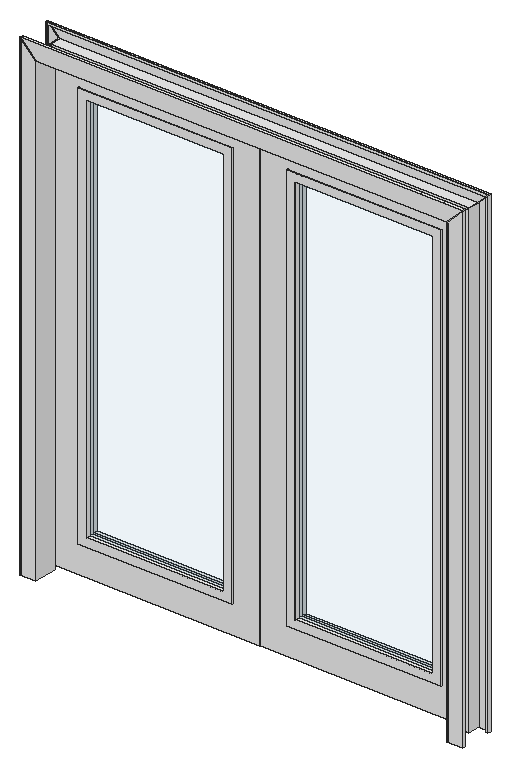
Revit family "08.Doorset_Entrance Lobby Door_ASSA ABLOY_Hardware 2D_light", category Doors, host Wall, Revit 2016
Family settings
  Host = Wall
  OmniClass Number = 23.30.10.14.14
  OmniClass Title = Wood Passage Doors
  Always vertical = Yes
  Cut with Voids When Loaded = No
  Shared = No
  Room Calculation Point = No
Parameters (values of type "886x1989 - 0.9x2.0M")
  Width = P1 Width - 51 mm  # 1772 mm
  Wall Thickness [instance] = 145.999 mm
  URL = "https://middleeast.assaabloy.com/en/local/middleeast/specification-and-bim/bim-door-solutions/"
  Type Comments = "886x1989 - 0.9x2.0M"
  Thickness = 45.001 mm
  Rough Width = 1874.001 mm
  Rough Height = 2040.001 mm
  Right Frame Width = 51.001 mm  # constant formula
  Region = "AE"  # constant formula
  Ref.Handle = Panel 1 Width - 63 mm  # 823 mm
  R1 Height = 1938.5 mm
  Provider = "ASSA ABLOY"  # constant formula
  Product Guid = ""
  Electronic Accessories_6 = "1x Break glass_ASSA ABLOY [AE. 1380E10 x 1380EF1]"  # constant formula
  Electronic Accessories_5 = "2x Door contact Steel Door_ASSA ABLOY [AE. 030295--00 x 030296--00]"  # constant formula
  Electronic Accessories_4 = "1x Door Controller_- [AE. Door controller]"  # constant formula
  Electronic Accessories_3 = "1x Power Supply_ASSA ABLOY [AE. E-1003- 24- 1----10]"  # constant formula
  Electronic Accessories_2 = "1x Push- button  flush-mounted_ASSA ABLOY [AE. E-1011----6353500]"  # constant formula
  Electronic Accessories_1 = "1x Card Reader Pandomini_ASSA ABLOY [AE. ASSA Pando mini]"  # constant formula
  Electronic Accessories = "1x Double Mini- Magnet_ASSA ABLOY [AE. MAGDN3000ALS-HD]"  # constant formula
  Architectural Accessory = "1x Escutcheon_ASSA ABLOY [AE. AAE-801]"  # constant formula
  Lock Cases = "1x Lock_ASSA ABLOY [AE. N1056 Dead bolt lock]"  # constant formula
  Panel 2 Width = Leaf 2 Width + 5.5 mm  # 886 mm
  Panel 1 Width = Leaf 1 Width + 5.5 mm  # 886 mm
  P1 Width = 1823 mm
  Name = "Steel Frame Glass Leaf Doorset Entrance Lobby"  # constant formula
  Model = "Doorset_Steel Frame Glass Leaf Doorset Entrance Lobby_ASSA ABLOY_Hardware 2D_Light"  # constant formula
  Min Door Width = 686 mm  # constant formula
  Min Door Height = 1989 mm  # constant formula
  Max Door Width = 1086 mm  # constant formula
  Max Door Height = 2089 mm  # constant formula
  Manufacturer = "ASSA ABLOY AE"  # constant formula
  Louver Width = Panel 1 Width - 295.2 mm  # 590.8 mm
  Left Frame Width = 51.001 mm  # constant formula
  Leaf 2 Width = (Width - 11 mm) / 2  # 880.5 mm
  Leaf 1 Width = (Width - 11 mm) / 2  # 880.5 mm
  Height = R1 Height + 76 mm - (25.5 mm)  # 1989 mm
  Hardware Set = BIMobject Unique ref.  # "9SP3-010"
  Glass Offset [instance] = 51.535 mm + (Frame Depth - 145.999 mm) / 2  # 51.535 mm
  Glass = Glass
  Frame Width = P1 Width + 51.001 mm  # 1874.001 mm
  Frame Offset [instance] = 73 mm
  Frame Material = Hollow Metal
  Frame Height = R1 Height + 25.5 mm + 76.001 mm  # 2040.001 mm
  Frame Depth [instance] = 145.999 mm
  Edition number = ""
  Door Offset [instance] = 70.861 mm + (Frame Depth - 145.999 mm) / 2  # 70.861 mm
  Door Material = Hollow Metal
  Door Closers = "2x Floor Closer_ASSA ABLOY [AE. DC475]"  # constant formula
  Description = "Steel Frame Glass Leaf Doorset Entrance Lobby- Double\r\nASSA ABLOY Security Solutions Middle East solution for an Entrance Lobby Door with Access control on entry side. Equipped with electromagnetic lock, Pull handle, master keyed cylinder, floor closer, Push button, Break Glass Unit, Card Reader.\r\nCharacteristics\r\n•\tFull range of Types & Sizes available.\r\n•\tSingle leaf made of galvanised steel sheet /stainless steel to polyester powder coated finish.\r\n•\tDoorframes are made of galvanised steel sheet /stainless steel to polyester powder coated finish.\r\n•\tDoor sets powder-coated in any colour from the Standard Range RAL palette\r\n•\tDoor Frame Corner construction: Welded or Knock down as per requirements.\r\nPerformance\r\n•\tIncreased finish performance for corrosion\r\n•\tAcoustic rating available in Flushed Door up to STC35dB (Honeycomb) and up to STC50dB (Rockwool)\r\n•\tUsage: Internal (Honeycomb/Rockwool); External (Rockwool), Substations /Unmanned (PIC)\r\nSafety\r\n•\tProtection Plates, Armour plates, options available as required. \r\nSustainability\r\n•\tThermal transmittance (U) value 1.565 W/m2k (Honeycomb), upto 0.625W/m2k Rockwool /PIC.\r\n•\tManufactured under ISO 9001:2015 certification\r\n•\tEnvironmental Product Declaration (EPD) available for Honeycomb \r\nHardware Set:\r\n•\tMortice Roller Lock case, Standard: BS EN 12209:2003, CE Marked. (EPD-Available) \r\n•\tPull Handle, standard: BS EN8424 Grade 3.\r\n•\tMKS Double Cylinder, Standard: BS EN 1303:2015, BS EN 15804 and SKG approved. (EPD-ASA-20170150-IBA1-EN)\r\n•\tFloor Closer, Standard: BS EN 1154. CE Marked. (EPD-Available)\r\n•\tMini- Magnet-Double.\r\n•\tCard Reader Pandomini\r\n•\tPush- button flush-mounted.\r\n•\tPower Supply 24V, DC. \r\n•\tDoor Controller\r\n•\tDoor contact Steel Door\r\n•\tBreak glass\r\n•\tDoor stops, floor mounted \r\n•\tGasketing\r\nTypical applications: Back of house areas of residential, commercial buildings, hospitals, schools, hotels, and others.\r\n\r\nCompatible Standards: BS EN1154, BS EN 12209, BS EN 8424, BS EN 1303."  # constant formula
  Date of publishing = ""
  Cylinders = "1x Cylinder_ASSA ABLOY [AE. CY110MKED3535ND0 - Double]"  # constant formula
  Contact Provider = "https://middleeast.assaabloy.com/en/local/middleeast/contact-us/"
  Back Set = 55 mm  # constant formula
  BIMobject Unique ref. = "9SP3-010"  # constant formula
  BIMobject Product Page = ""
  BIMobject Product Group = ""
  BIMobject Product Family = ""
  BIMobject Instructions Video = ""
  BIMobject Brand = "ASSA ABLOY"  # constant formula
  Architectural Hardware_1 = "2x Door stop, floor mounted_ASSA ABLOY [AE. AAA102]"  # constant formula
  Architectural Hardware = "2x Pull handle_ASSA ABLOY [AE. AAP215A]"  # constant formula
  Architectural Accessory_5 = "1x Dust proof strike_ASSA ABLOY [AE. AAA410]"  # constant formula
  Architectural Accessory_4 = "2x Flush bolt, metal & alum_ASSA ABLOY [AE. AAA405]"  # constant formula
  Architectural Accessory_3 = "1x Gasketing_ASSA ABLOY [AE. LAS1046 - 7 x LAS7004si (pair)]"  # constant formula
  Architectural Accessory_2 = "1x Threshold_Lorient [AE. LAS4014si]"  # constant formula
  Analytic Construction = "<None>"
  Adjacent Wall Placement = 101.6 mm
Reference planes
  plane 1: y = 0
  plane 2 "Center (Left/Right)": x = 0
  plane 3 "Wall Edge": y = 73
  plane 4 "Wall Interior": y = -73
  plane 5 "ModelRefLevel": z = 0
  plane 6 "FrameDepthPlane": y = 0
  plane 7 "FrameFront": y = 73
  plane 8 "FrameBack": y = -73
  plane 9 "V0": x = 911.5
  plane 10 "V1": x = -911.5
  plane 11 "H0": z = 76.001
  plane 12 "H1": z = 2014.501
  plane 13 "InTermLeftJamb0": x = 886
  plane 14 "OutTermLeftJamb0": x = 937
  plane 15 "InTermRightJamb1": x = -886
  plane 16 "OutTermRightJamb1": x = -937
  plane 17 "DoorLeft": x = 886
  plane 18 "DoorRight": x = -886
  plane 19 "DoorCenter": x = 0
  plane 20 "DoorTop": z = 1984.003
  plane 21 "DoorCenterTB": z = 992.001
  plane 22 "DoorLeftPanelCenter": x = 443
  plane 23 "DoorRightPanelCenter": x = -443
  plane 24 "DoorExtFace": y = 70.861
  plane 25 "DoorGlassFace": y = 51.535
  plane 26 "LockCenterLine": z = 1049.337
  plane 27 "DoorExtFace2": y = 71.963
  plane 28 "DoorPanel1Center": x = 500
  plane 29 "DoorPanel2Center": x = -500.002
  plane 30 "ActDoorLeft": x = 883.618
  plane 31 "ActDoorRight": x = -883.618
  plane 32 "PullSideFrontApproachPair": x = 883.618
  plane 33 "PushSideFrontApproachPair": x = 883.618
  plane 34 "LeftAdjWall": x = 1038.6
  plane 35 "RightAdjWall": x = -1038.6
Forms (mm)
  Extrusion 1, solid, material "Hollow Metal" <- "Frame Material"
    sketch origin (4065.562, 0, 1125.499) x (-1, 0, 0) y (0, -1, 0)
      loop
        line (3138.087, -60.3) -> (3128.562, -60.3) -> (3128.562, -73) -> (3179.562, -73) -> (3179.562, -23.787) -> (3195.437, -23.787) -> (3195.437, 73) -> (3128.562, 73) -> (3128.562, 60.3) -> (3138.087, 60.3) -> (3138.087, 61.887) -> (3130.149, 61.887) -> (3130.149, 71.412) -> (3193.85, 71.412) -> (3193.85, -22.2) -> (3177.975, -22.2) -> (3177.975, -71.412) -> (3130.149, -71.412) -> (3130.149, -61.887) -> (3138.087, -61.887) -> (3138.087, -60.3)
    from -1125.499 to 914.502
  Extrusion 2, void
    sketch origin (0, 73, 0) x (1, 0, 0) y (0, 0, 1)
      loop
        line (937, 2040.001) -> (870.125, 2040.001) -> (870.125, 1973.125) -> (937, 2040.001)
    from -304.8 to 304.8
  Extrusion 3, solid, material "Hollow Metal" <- "Frame Material"
    sketch origin (2030.438, 0, 1125.499) x (-1, 0, 0) y (0, -1, 0)
      loop
        line (2957.913, -61.887) -> (2965.851, -61.887) -> (2965.851, -71.412) -> (2918.025, -71.412) -> (2918.025, -22.2) -> (2902.15, -22.2) -> (2902.15, 71.412) -> (2965.851, 71.412) -> (2965.851, 61.887) -> (2957.913, 61.887) -> (2957.913, 60.3) -> (2967.438, 60.3) -> (2967.438, 73) -> (2900.563, 73) -> (2900.563, -23.787) -> (2916.438, -23.787) -> (2916.438, -73) -> (2967.438, -73) -> (2967.438, -60.3) -> (2957.913, -60.3) -> (2957.913, -61.887)
    from -1125.499 to 914.502
  Extrusion 4, void
    sketch origin (0, 73, 0) x (1, 0, 0) y (0, 0, 1)
      loop
        line (-937, 2040.001) -> (-870.125, 1973.125) -> (-870.125, 2040.001) -> (-937, 2040.001)
    from -304.8 to 304.8
  Extrusion 5, solid, material "Hollow Metal" <- "Frame Material"
    sketch origin (0, 0, 2217.561) x (0, 1, 0) y (0, 0, 1)
      loop
        line (61.887, -187.085) -> (61.887, -179.148) -> (71.412, -179.148) -> (71.412, -226.973) -> (22.2, -226.973) -> (22.2, -242.848) -> (-71.412, -242.848) -> (-71.412, -179.148) -> (-61.887, -179.148) -> (-61.887, -187.085) -> (-60.3, -187.085) -> (-60.3, -177.56) -> (-73, -177.56) -> (-73, -244.436) -> (23.787, -244.436) -> (23.787, -228.561) -> (73, -228.561) -> (73, -177.56) -> (60.3, -177.56) -> (60.3, -187.085) -> (61.887, -187.085)
    from -937 to 937
  Extrusion 6, void
    sketch origin (0, 73, 0) x (1, 0, 0) y (0, 0, 1)
      loop
        line (-937, 2040.001) -> (-937, 1973.125) -> (-870.125, 1973.125) -> (-937, 2040.001)
    from -304.8 to 304.8
  Extrusion 7, void
    sketch origin (0, 73, 0) x (1, 0, 0) y (0, 0, 1)
      loop
        line (937, 2040.001) -> (870.125, 1973.125) -> (937, 1973.125) -> (937, 2040.001)
    from -304.8 to 304.8
  Extrusion 8, solid, material "Hollow Metal" <- "Door Material"
    sketch origin (-1524, 71.963, -304.8) x (1, 0, 0) y (0, 0, 1)
      loop
        line (2407.618, 320.675) -> (2407.618, 2290.628) -> (1526.383, 2290.628) -> (1526.383, 320.675) -> (2407.618, 320.675)
      loop
        line (1671.62, 2140.628) -> (1671.62, 470.675) -> (2262.381, 470.675) -> (2262.381, 2140.628) -> (1671.62, 2140.628)
    from 0 to 45.001
  Extrusion 9, solid, material "Hollow Metal" <- "Door Material"
    sketch origin (-1524, 71.963, -304.8) x (1, 0, 0) y (0, 0, 1)
      loop
        line (1521.62, 320.675) -> (1521.62, 2290.628) -> (640.382, 2290.628) -> (640.382, 320.675) -> (1521.62, 320.675)
      loop
        line (785.619, 2140.628) -> (785.619, 470.675) -> (1376.383, 470.675) -> (1376.383, 2140.628) -> (785.619, 2140.628)
    from 0 to 45.001
  Extrusion 10, solid, material "Glass" <- "Glass"
    sketch origin (-1524, 71.963, -304.8) x (-1, 0, 0) y (0, 0, 1)
      loop
        line (-2262.381, 2140.628) -> (-2262.381, 470.675) -> (-1671.62, 470.675) -> (-1671.62, 2140.628) -> (-2262.381, 2140.628)
    from -33.062 to -11.664
  Extrusion 11, solid, material "Glass" <- "Glass"
    sketch origin (-1524, 71.963, -304.8) x (-1, 0, 0) y (0, 0, 1)
      loop
        line (-1376.383, 2140.628) -> (-1376.383, 470.675) -> (-785.619, 470.675) -> (-785.619, 2140.628) -> (-1376.383, 2140.628)
    from -33.1 to -11.7
  Sweep 12, solid, material "Hollow Metal" <- "Frame Material"
    path origin (-1524, 71.963, -304.8) x (1, 0, 0) y (0, 0, 1)
      loop
        line (1376.383, 2140.628) -> (785.619, 2140.628) -> (785.619, 470.675) -> (1376.383, 470.675) -> (1376.383, 2140.628)
    profile origin (-147.617, 71.963, 1000.851) x (0, -1, 0) y (1, 0, 0)
      loop
        line (0, 0) -> (0, 30) -> (-5, 30) -> (-5, -5) -> (11.7, -5) -> (11.7, 0) -> (0, 0)
  Sweep 13, solid, material "Hollow Metal" <- "Frame Material"
    path origin (-1524, 71.963, -304.8) x (1, 0, 0) y (0, 0, 1)
      loop
        line (2262.381, 2140.628) -> (1671.62, 2140.628) -> (1671.62, 470.675) -> (2262.381, 470.675) -> (2262.381, 2140.628)
    profile origin (738.381, 71.963, 1000.851) x (0, -1, 0) y (1, 0, 0)
      loop
        line (0, 0) -> (0, 30) -> (-5, 30) -> (-5, -5) -> (11.664, -5) -> (11.664, 0) -> (0, 0)
  Sweep 14, solid, material "Hollow Metal" <- "Frame Material"
    path origin (-1524, 26.962, -304.8) x (1, 0, 0) y (0, 0, 1)
      loop
        line (1671.62, 470.675) -> (2262.381, 470.675) -> (2262.381, 2140.628) -> (1671.62, 2140.628) -> (1671.62, 470.675)
    profile origin (147.62, 26.962, 1000.851) x (-1, 0, 0) y (0, -1, 0)
      loop
        line (0, 0) -> (30, 0) -> (30, 5) -> (-5, 5) -> (-5, -11.939) -> (0, -11.939) -> (0, 0)
  Sweep 15, solid, material "Hollow Metal" <- "Frame Material"
    path origin (-1524, 26.962, -304.8) x (1, 0, 0) y (0, 0, 1)
      loop
        line (785.619, 470.675) -> (1376.383, 470.675) -> (1376.383, 2140.628) -> (785.619, 2140.628) -> (785.619, 470.675)
    profile origin (-738.381, 26.962, 1000.851) x (-1, 0, 0) y (0, -1, 0)
      loop
        line (0, 0) -> (30, 0) -> (30, 5) -> (-5, 5) -> (-5, -11.901) -> (0, -11.901) -> (0, 0)
Cuts and joins
  Extrusion 2 cuts Extrusion 1
  Extrusion 4 cuts Extrusion 3
  Extrusion 6, Extrusion 7 cuts Extrusion 5
Lines and regions (mm)
  Opening 1
    outline origin (-1524, -73, 0) x (1, 0, 0) y (0, 0, 1)
      loop
        line (2461, 0) -> (2461, 2040.001) -> (587, 2040.001) -> (587, 0) -> (2461, 0)
  symbolic lines, style "DoorsFrameMullionProjection", detail levels fine
    curve 1: line (927.475, 60.3, 0) -> (937, 60.3, 0)
    curve 2: line (937, 60.3, 0) -> (937, 73, 0)
    curve 3: line (937, 73, 0) -> (886, 73, 0)
    curve 4: line (886, 73, 0) -> (886, 23.787, 0)
    curve 5: line (886, 23.787, 0) -> (870.125, 23.787, 0)
    curve 6: line (870.125, 23.787, 0) -> (870.125, -73, 0)
    curve 7: line (870.125, -73, 0) -> (937, -73, 0)
    curve 8: line (937, -73, 0) -> (937, -60.3, 0)
    curve 9: line (937, -60.3, 0) -> (927.475, -60.3, 0)
    curve 10: line (927.475, -60.3, 0) -> (927.475, -61.887, 0)
    curve 11: line (927.475, -61.887, 0) -> (935.413, -61.887, 0)
    curve 12: line (935.413, -61.887, 0) -> (935.413, -71.412, 0)
    curve 13: line (935.413, -71.412, 0) -> (871.712, -71.412, 0)
    curve 14: line (871.712, -71.412, 0) -> (871.712, 22.2, 0)
    curve 15: line (871.712, 22.2, 0) -> (887.587, 22.2, 0)
    curve 16: line (887.587, 22.2, 0) -> (887.587, 71.412, 0)
    curve 17: line (887.587, 71.412, 0) -> (935.413, 71.412, 0)
    curve 18: line (935.413, 71.412, 0) -> (935.413, 61.887, 0)
    curve 19: line (935.413, 61.887, 0) -> (927.475, 61.887, 0)
    curve 20: line (927.475, 61.887, 0) -> (927.475, 60.3, 0)
    curve 25: line (-927.475, 61.887, 0) -> (-935.413, 61.887, 0)
    curve 26: line (-935.413, 61.887, 0) -> (-935.413, 71.412, 0)
    curve 27: line (-935.413, 71.412, 0) -> (-887.587, 71.412, 0)
    curve 28: line (-887.587, 71.412, 0) -> (-887.587, 22.2, 0)
    curve 29: line (-887.587, 22.2, 0) -> (-871.712, 22.2, 0)
    curve 30: line (-871.712, 22.2, 0) -> (-871.712, -71.412, 0)
    curve 31: line (-871.712, -71.412, 0) -> (-935.413, -71.412, 0)
    curve 32: line (-935.413, -71.412, 0) -> (-935.413, -61.887, 0)
    curve 33: line (-935.413, -61.887, 0) -> (-927.475, -61.887, 0)
    curve 34: line (-927.475, -61.887, 0) -> (-927.475, -60.3, 0)
    curve 35: line (-927.475, -60.3, 0) -> (-937, -60.3, 0)
    curve 36: line (-937, -60.3, 0) -> (-937, -73, 0)
    curve 37: line (-937, -73, 0) -> (-870.125, -73, 0)
    curve 38: line (-870.125, -73, 0) -> (-870.125, 23.787, 0)
    curve 39: line (-870.125, 23.787, 0) -> (-886, 23.787, 0)
    curve 40: line (-886, 23.787, 0) -> (-886, 73, 0)
    curve 41: line (-886, 73, 0) -> (-937, 73, 0)
    curve 42: line (-937, 73, 0) -> (-937, 60.3, 0)
    curve 43: line (-937, 60.3, 0) -> (-927.475, 60.3, 0)
    curve 44: line (-927.475, 60.3, 0) -> (-927.475, 61.887, 0)
  symbolic lines, style "DoorsFrameMullionProjection", detail levels medium
    curve 21: line (886, -73, 0) -> (937, -73, 0)
    curve 22: line (886, 73, 0) -> (937, 73, 0)
    curve 23: line (886, -73, 0) -> (886, 73, 0)
    curve 45: line (-937, -73, 0) -> (-886, -73, 0)
    curve 46: line (-937, 73, 0) -> (-886, 73, 0)
    curve 48: line (-886, -73, 0) -> (-886, 73, 0)
  symbolic lines, style "DoorsFrameMullionProjection", detail levels coarse+medium
    curve 24: line (937, -73, 0) -> (937, 73, 0)
    curve 47: line (-937, -73, 0) -> (-937, 73, 0)
  symbolic lines, style "Elevation Swing", not visible
    curve 49: line (0, 73, 1984.003) -> (883, 73, 992.001)
    curve 50: line (0, 73, 0) -> (883, 73, 992.001)
    curve 51: line (0, 73, 1984.003) -> (-883, 73, 992.001)
    curve 52: line (0, 73, 0) -> (-883, 73, 992.001)
  symbolic lines, style "Elevation Swing"
    curve 53: line (883, 73, 1984.003) -> (0, 73, 992.001)
    curve 54: line (883, 73, 0) -> (0, 73, 992.001)
    curve 55: line (-883, 73, 1984.003) -> (0, 73, 992.001)
    curve 56: line (-883, 73, 0) -> (0, 73, 992.001)
  symbolic lines, style "Doors", detail levels coarse
    curve 57: line (937, 953.841, 0) -> (937, 73, 0)
    curve 58: line (838.617, 953.841, 0) -> (937, 953.841, 0)
    curve 59: arc (0, 70.999, 0) -> (243.073, 679.828, 0) -> (838.617, 953.841, 0) r 884.008
    curve 60: line (-937, 73, 0) -> (-937, 953, 0)
    curve 61: line (-937, 953, 0) -> (-882, 953, 0)
    curve 62: arc (-882, 953, 0) -> (-258.332, 694.668, 0) -> (0, 70.999, 0) r 882
  model lines
    curve 63: arc (-59.982, 21.962, 1326.642) -> (-47.482, 21.962, 1314.142) -> (-59.982, 21.962, 1301.642) r 12.5
    curve 64: arc (-59.982, 21.962, 1301.642) -> (-72.482, 21.962, 1314.142) -> (-59.982, 21.962, 1326.642) r 12.5
    curve 65: circle (-59.982, 21.962, 1314.142) r 13.704 normal (0, -1, 0)
    curve 66: arc (-59.982, 21.962, 1012.165) -> (-72.482, 21.962, 1024.665) -> (-59.982, 21.962, 1037.165) r 12.5
    curve 67: arc (-59.982, 21.962, 1037.165) -> (-47.482, 21.962, 1024.665) -> (-59.982, 21.962, 1012.165) r 12.5
    curve 68: circle (-59.982, 21.962, 1024.665) r 13.431 normal (0, -1, 0)
    curve 69: line (-65.369, 21.962, 1326.742) -> (-127.354, 21.962, 1326.742)
    curve 70: arc (-127.354, 21.962, 1326.742) -> (-158.439, 21.962, 1313.866) -> (-171.315, 21.962, 1282.781) r 43.961
    curve 71: line (-171.315, 21.962, 1282.781) -> (-171.315, 21.962, 1054.222)
    curve 72: arc (-171.315, 21.962, 1054.222) -> (-158.889, 21.962, 1024.222) -> (-128.889, 21.962, 1011.796) r 42.426
    curve 73: line (-128.889, 21.962, 1011.796) -> (-63.826, 21.962, 1011.796)
    curve 74: line (-65.048, 21.962, 1037.104) -> (-127.919, 21.962, 1037.104)
    curve 75: arc (-127.919, 21.962, 1037.104) -> (-140.419, 21.962, 1042.282) -> (-145.596, 21.962, 1054.782) r 17.678
    curve 76: line (-145.596, 21.962, 1054.782) -> (-145.596, 21.962, 1284.782)
    curve 77: arc (-145.596, 21.962, 1284.782) -> (-140.552, 21.962, 1296.959) -> (-128.375, 21.962, 1302.003) r 17.221
    curve 78: line (-128.375, 21.962, 1302.003) -> (-66.341, 21.962, 1302.003)
    curve 79: arc (59.283, 21.962, 1325.711) -> (71.783, 21.962, 1313.211) -> (59.283, 21.962, 1300.711) r 12.5
    curve 80: arc (59.283, 21.962, 1300.711) -> (46.783, 21.962, 1313.211) -> (59.283, 21.962, 1325.711) r 12.5
    curve 81: circle (59.283, 21.962, 1313.211) r 13.514 normal (0, -1, 0)
    curve 82: arc (59.283, 21.962, 1036.234) -> (71.783, 21.962, 1023.734) -> (59.283, 21.962, 1011.234) r 12.5
    curve 83: arc (59.283, 21.962, 1011.234) -> (46.783, 21.962, 1023.734) -> (59.283, 21.962, 1036.234) r 12.5
    curve 84: circle (59.283, 21.962, 1023.734) r 13.479 normal (0, -1, 0)
    curve 85: line (64.23, 21.962, 1325.788) -> (127.616, 21.962, 1325.788)
    curve 86: arc (127.616, 21.962, 1325.788) -> (157.616, 21.962, 1313.361) -> (170.043, 21.962, 1283.361) r 42.426
    curve 87: line (170.043, 21.962, 1283.361) -> (170.043, 21.962, 1056.023)
    curve 88: arc (170.043, 21.962, 1056.023) -> (157.144, 21.962, 1024.884) -> (126.005, 21.962, 1011.985) r 44.038
    curve 89: line (126.005, 21.962, 1011.985) -> (65.888, 21.962, 1011.985)
    curve 90: line (64.391, 21.962, 1036.208) -> (129.391, 21.962, 1036.208)
    curve 91: arc (129.391, 21.962, 1036.208) -> (140.756, 21.962, 1042.891) -> (145.792, 21.962, 1055.075) r 20.73
    curve 92: line (145.792, 21.962, 1055.075) -> (145.792, 21.962, 1285.075)
    curve 93: arc (145.792, 21.962, 1285.075) -> (138.566, 21.962, 1296.014) -> (126.364, 21.962, 1300.808) r 21.739
    curve 94: line (126.364, 21.962, 1300.808) -> (64.65, 21.962, 1300.808)
    curve 95: arc (73.383, 21.962, 932.389) -> (57.387, 21.962, 948.384) -> (41.392, 21.962, 932.389) r 15.995
    curve 96: arc (41.392, 21.962, 892.379) -> (57.387, 21.962, 876.384) -> (73.383, 21.962, 892.379) r 15.995
    curve 97: line (41.392, 21.962, 932.389) -> (41.392, 21.962, 892.379)
    curve 98: line (73.383, 21.962, 892.379) -> (73.383, 21.962, 932.389)
    curve 99: line (62.533, 21.962, 907.003) -> (62.533, 21.962, 894.324)
    curve 100: line (52.233, 21.962, 894.324) -> (52.233, 21.962, 907.003)
    curve 101: arc (62.533, 21.962, 894.324) -> (57.383, 21.962, 889.174) -> (52.233, 21.962, 894.324) r 5.15
    curve 102: arc (52.233, 21.962, 907.003) -> (57.383, 21.962, 922.603) -> (62.533, 21.962, 907.003) r 8.65
    curve 103: arc (59.07, 21.962, 915.695) -> (58.566, 21.962, 915.782) -> (58.057, 21.962, 915.733) r 1.911
    curve 104: arc (58.057, 21.962, 915.733) -> (57.536, 21.962, 915.769) -> (57.016, 21.962, 915.703) r 2.698
    curve 105: arc (57.016, 21.962, 915.703) -> (56.442, 21.962, 915.794) -> (55.866, 21.962, 915.708) r 1.916
    curve 106: arc (55.866, 21.962, 915.708) -> (55.262, 21.962, 915.778) -> (54.657, 21.962, 915.711) r 2.703
    curve 107: arc (54.657, 21.962, 915.711) -> (54.065, 21.962, 915.806) -> (53.473, 21.962, 915.714) r 1.927
    curve 108: arc (53.473, 21.962, 915.714) -> (53.016, 21.962, 915.785) -> (52.554, 21.962, 915.777) r 2.719
    curve 109: arc (52.554, 21.962, 915.777) -> (52.063, 21.962, 915.286) -> (52.554, 21.962, 914.795) r 0.491
    curve 110: arc (52.554, 21.962, 914.795) -> (53.069, 21.962, 914.758) -> (53.581, 21.962, 914.819) r 2.687
    curve 111: arc (53.581, 21.962, 914.819) -> (54.133, 21.962, 914.745) -> (54.682, 21.962, 914.834) r 1.91
    curve 112: arc (54.682, 21.962, 914.834) -> (55.277, 21.962, 914.77) -> (55.871, 21.962, 914.838) r 2.698
    curve 113: arc (55.871, 21.962, 914.838) -> (56.444, 21.962, 914.752) -> (57.016, 21.962, 914.842) r 1.913
    curve 114: arc (57.016, 21.962, 914.842) -> (57.533, 21.962, 914.777) -> (58.052, 21.962, 914.812) r 2.696
    curve 115: arc (58.052, 21.962, 914.812) -> (58.564, 21.962, 914.761) -> (59.07, 21.962, 914.848) r 1.911
    curve 116: arc (59.07, 21.962, 914.848) -> (59.493, 21.962, 915.272) -> (59.07, 21.962, 915.695) r 0.423
    curve 117: line (0.483, 21.962, 1968.188) -> (-249.517, 21.962, 1968.188)
    curve 118: line (-249.517, 21.962, 1973.188) -> (-249.517, 21.962, 1968.188)
    curve 119: line (-249.517, 21.962, 1968.188) -> (-249.517, 21.962, 1926.188)
    curve 120: line (-249.517, 21.962, 1926.188) -> (0.483, 21.962, 1926.188)
    curve 121: line (0.483, 21.962, 1926.188) -> (250.483, 21.962, 1926.188)
    curve 122: line (0.483, 21.962, 1968.188) -> (0.483, 21.962, 1926.188)
    curve 123: line (250.483, 21.962, 1968.188) -> (0.483, 21.962, 1968.188)
    curve 124: line (250.483, 21.962, 1968.188) -> (250.483, 21.962, 1973.188)
    curve 125: line (250.483, 21.962, 1926.188) -> (250.483, 21.962, 1968.188)
    curve 183: arc (59.283, 76.963, 1300.711) -> (46.783, 76.963, 1313.211) -> (59.283, 76.963, 1325.711) r 12.5
    curve 184: arc (59.283, 76.963, 1325.711) -> (71.783, 76.963, 1313.211) -> (59.283, 76.963, 1300.711) r 12.5
    curve 185: circle (59.283, 76.963, 1313.211) r 13.514 normal (0, 1, 0)
    curve 186: line (64.23, 76.963, 1325.788) -> (127.616, 76.963, 1325.788)
    curve 187: line (64.65, 76.963, 1300.808) -> (126.364, 76.963, 1300.808)
    curve 188: arc (126.364, 76.963, 1300.808) -> (140.102, 76.963, 1295.118) -> (145.792, 76.963, 1281.38) r 19.429
    curve 189: line (145.792, 76.963, 1281.38) -> (145.792, 76.963, 1055.075)
    curve 190: arc (145.792, 76.963, 1055.075) -> (140.266, 76.963, 1041.734) -> (126.924, 76.963, 1036.208) r 18.868
    curve 191: line (126.924, 76.963, 1036.208) -> (64.391, 76.963, 1036.208)
    curve 192: line (126.005, 76.963, 1011.985) -> (65.888, 76.963, 1011.985)
    curve 193: arc (59.283, 76.963, 1011.234) -> (46.783, 76.963, 1023.734) -> (59.283, 76.963, 1036.234) r 12.5
    curve 194: arc (59.283, 76.963, 1036.234) -> (71.783, 76.963, 1023.734) -> (59.283, 76.963, 1011.234) r 12.5
    curve 195: circle (59.283, 76.963, 1023.734) r 13.479 normal (0, 1, 0)
    curve 196: arc (73.383, 76.963, 932.389) -> (57.387, 76.963, 948.384) -> (41.392, 76.963, 932.389) r 15.995
    curve 197: arc (41.392, 76.963, 892.379) -> (57.387, 76.963, 876.384) -> (73.383, 76.963, 892.379) r 15.995
    curve 198: line (41.392, 76.963, 892.379) -> (41.392, 76.963, 932.389)
    curve 199: line (73.383, 76.963, 932.389) -> (73.383, 76.963, 892.379)
    curve 200: arc (62.464, 76.963, 930.221) -> (61.945, 76.963, 931.09) -> (60.992, 76.963, 931.431) r 1.5
    curve 201: line (53.455, 76.963, 931.431) -> (60.992, 76.963, 931.431)
    curve 202: arc (53.455, 76.963, 931.431) -> (52.504, 76.963, 931.091) -> (51.984, 76.963, 930.225) r 1.5
    curve 203: line (49.641, 76.963, 918.499) -> (51.984, 76.963, 930.225)
    curve 204: line (62.464, 76.963, 930.221) -> (64.789, 76.963, 918.45)
    curve 205: arc (64.789, 76.963, 909.456) -> (65.228, 76.963, 913.953) -> (64.789, 76.963, 918.45) r 23.212
    curve 206: line (64.789, 76.963, 909.456) -> (62.464, 76.963, 897.684)
    curve 207: arc (60.992, 76.963, 896.475) -> (61.945, 76.963, 896.816) -> (62.464, 76.963, 897.684) r 1.5
    curve 208: line (60.992, 76.963, 896.475) -> (53.455, 76.963, 896.475)
    curve 209: arc (51.984, 76.963, 897.681) -> (52.504, 76.963, 896.815) -> (53.455, 76.963, 896.475) r 1.5
    curve 210: line (51.984, 76.963, 897.681) -> (49.641, 76.963, 909.407)
    curve 211: line (52.233, 76.963, 894.324) -> (52.233, 76.963, 897.106)
    curve 212: arc (52.233, 76.963, 894.324) -> (57.383, 76.963, 889.174) -> (62.533, 76.963, 894.324) r 5.15
    curve 213: line (62.533, 76.963, 898.032) -> (62.533, 76.963, 894.324)
    curve 214: arc (49.641, 76.963, 918.499) -> (49.191, 76.963, 913.953) -> (49.641, 76.963, 909.407) r 23.2
    curve 215: arc (-59.982, 76.963, 1301.642) -> (-72.482, 76.963, 1314.142) -> (-59.982, 76.963, 1326.642) r 12.5
    curve 216: circle (-59.982, 76.963, 1314.142) r 13.704 normal (0, -1, 0)
    curve 217: arc (-59.982, 76.963, 1326.642) -> (-47.482, 76.963, 1314.142) -> (-59.982, 76.963, 1301.642) r 12.5
    curve 218: line (-65.369, 76.963, 1326.742) -> (-127.354, 76.963, 1326.742)
    curve 219: arc (-127.354, 76.963, 1326.742) -> (-158.439, 76.963, 1313.866) -> (-171.315, 76.963, 1282.781) r 43.961
    curve 220: line (-171.315, 76.963, 1282.781) -> (-171.315, 76.963, 1054.222)
    curve 221: arc (-171.315, 76.963, 1054.222) -> (-158.889, 76.963, 1024.222) -> (-128.889, 76.963, 1011.796) r 42.426
    curve 222: line (-128.889, 76.963, 1011.796) -> (-63.826, 76.963, 1011.796)
    curve 223: line (-65.048, 76.963, 1037.104) -> (-127.919, 76.963, 1037.104)
    curve 224: arc (-127.919, 76.963, 1037.104) -> (-141.103, 76.963, 1042.565) -> (-146.564, 76.963, 1055.75) r 18.646
    curve 225: line (-146.564, 76.963, 1055.75) -> (-146.564, 76.963, 1282.535)
    curve 226: arc (-146.564, 76.963, 1282.535) -> (-141.309, 76.963, 1295.856) -> (-128.375, 76.963, 1302.003) r 19.513
    curve 227: line (-128.375, 76.963, 1302.003) -> (-66.341, 76.963, 1302.003)
    curve 228: circle (-59.982, 76.963, 1024.665) r 13.431 normal (0, -1, 0)
    curve 229: arc (-59.982, 76.963, 1012.165) -> (-72.482, 76.963, 1024.665) -> (-59.982, 76.963, 1037.165) r 12.5
    curve 230: arc (-59.982, 76.963, 1037.165) -> (-47.482, 76.963, 1024.665) -> (-59.982, 76.963, 1012.165) r 12.5
    curve 231: line (-1002.6, 76.963, 968.328) -> (-1002.6, 76.963, 1023.328)
    curve 232: line (-1057.6, 76.963, 968.328) -> (-1057.6, 76.963, 1023.328)
    curve 233: line (-1057.6, 76.963, 1023.328) -> (-1002.6, 76.963, 1023.328)
    curve 234: line (-1002.6, 76.963, 968.328) -> (-1057.6, 76.963, 968.328)
    curve 235: line (-989.764, 76.963, 956.449) -> (-1070.764, 76.963, 956.449)
    curve 236: line (-989.764, 76.963, 1036.449) -> (-989.764, 76.963, 956.449)
    curve 237: line (-1070.764, 76.963, 956.449) -> (-1070.764, 76.963, 1036.449)
    curve 238: line (-989.764, 76.963, 1036.449) -> (-1070.764, 76.963, 1036.449)
    curve 239: circle (-1053.663, 76.963, 964.467) r 1.5 normal (0, 1, 0)
    curve 240: circle (-1053.663, 76.963, 964.467) r 1 normal (0, 1, 0)
    curve 241: line (-1055.081, 76.963, 963.979) -> (-1061.125, 76.963, 963.979)
    curve 242: line (-1055.104, 76.963, 964.883) -> (-1061.125, 76.963, 964.883)
    curve 243: line (-1061.125, 76.963, 963.979) -> (-1061.125, 76.963, 964.883)
    curve 244: line (-1061.125, 76.963, 963.432) -> (-1058.906, 76.963, 963.432)
    curve 245: line (-1058.906, 76.963, 963.432) -> (-1058.906, 76.963, 962.611)
    curve 246: line (-1058.906, 76.963, 962.611) -> (-1061.125, 76.963, 962.611)
    curve 247: line (-1061.125, 76.963, 962.611) -> (-1061.125, 76.963, 963.432)
    curve 248: line (-1069.764, 76.963, 1196.449) -> (-1069.764, 76.963, 1116.449)
    curve 249: line (-1150.764, 76.963, 1116.449) -> (-1150.764, 76.963, 1196.449)
    curve 250: line (-1069.764, 76.963, 1116.449) -> (-1150.764, 76.963, 1116.449)
    curve 251: line (-1069.764, 76.963, 1196.449) -> (-1150.764, 76.963, 1196.449)
    curve 252: line (-1082.6, 76.963, 1183.328) -> (-1087.6, 76.963, 1174.798)
    curve 253: line (-1082.6, 76.963, 1183.328) -> (-1091.13, 76.963, 1178.328)
    curve 254: line (-1137.6, 76.963, 1183.328) -> (-1129.07, 76.963, 1178.328)
    curve 255: line (-1132.6, 76.963, 1174.798) -> (-1137.6, 76.963, 1183.328)
    curve 256: line (-1137.6, 76.963, 1128.328) -> (-1132.6, 76.963, 1136.858)
    curve 257: line (-1137.6, 76.963, 1128.328) -> (-1129.07, 76.963, 1133.328)
    curve 258: line (-1082.6, 76.963, 1128.328) -> (-1091.13, 76.963, 1133.328)
    curve 259: line (-1082.6, 76.963, 1128.328) -> (-1087.6, 76.963, 1136.858)
    curve 260: line (-1087.6, 76.963, 1136.858) -> (-1091.13, 76.963, 1133.328)
    curve 261: line (-1087.6, 76.963, 1174.798) -> (-1087.6, 76.963, 1136.858)
    curve 262: line (-1091.13, 76.963, 1178.328) -> (-1087.6, 76.963, 1174.798)
    curve 263: line (-1129.07, 76.963, 1178.328) -> (-1091.13, 76.963, 1178.328)
    curve 264: line (-1132.6, 76.963, 1174.798) -> (-1129.07, 76.963, 1178.328)
    curve 265: line (-1132.6, 76.963, 1136.858) -> (-1132.6, 76.963, 1174.798)
    curve 266: line (-1129.07, 76.963, 1133.328) -> (-1132.6, 76.963, 1136.858)
    curve 267: arc (-1095.1, 76.963, 1155.828) -> (-1110.1, 76.963, 1140.828) -> (-1125.1, 76.963, 1155.828) r 15
    curve 268: arc (-1125.1, 76.963, 1155.828) -> (-1110.1, 76.963, 1170.828) -> (-1095.1, 76.963, 1155.828) r 15
    curve 269: line (-1082.6, 76.963, 1128.328) -> (-1082.6, 76.963, 1183.328)
    curve 270: line (-1137.6, 76.963, 1183.328) -> (-1082.6, 76.963, 1183.328)
    curve 271: line (-1137.6, 76.963, 1128.328) -> (-1137.6, 76.963, 1183.328)
    curve 272: line (-1082.6, 76.963, 1128.328) -> (-1137.6, 76.963, 1128.328)
    curve 273: line (-1091.13, 76.963, 1133.328) -> (-1129.07, 76.963, 1133.328)
  model lines, detail levels fine
    curve 126: line (1095.713, -73, 1216.137) -> (1095.713, -73, 1098.945)
    curve 127: line (1095.713, -73, 1216.137) -> (1096.513, -73, 1216.137)
    curve 128: line (1096.513, -73, 1217.137) -> (1096.513, -73, 1098.945)
    curve 129: line (1142.513, -73, 1217.137) -> (1096.513, -73, 1217.137)
    curve 130: line (1142.513, -73, 1098.945) -> (1142.513, -73, 1217.137)
    curve 131: line (1142.513, -73, 1216.137) -> (1143.313, -73, 1216.137)
    curve 132: line (1143.313, -73, 1098.945) -> (1143.313, -73, 1216.137)
    curve 133: line (1143.313, -73, 1206.766) -> (1142.513, -73, 1206.766)
    curve 134: line (1096.513, -73, 1206.766) -> (1095.713, -73, 1206.766)
    curve 135: line (1106.93, -73, 1210.046) -> (1106.93, -73, 1207.564)
    curve 136: line (1131.93, -73, 1210.046) -> (1106.93, -73, 1210.046)
    curve 137: line (1106.93, -73, 1207.564) -> (1131.93, -73, 1207.564)
    curve 138: line (1131.93, -73, 1207.564) -> (1131.93, -73, 1210.046)
    curve 139: arc (1095.713, -73, 1098.945) -> (1096.916, -73, 1096.041) -> (1099.821, -73, 1094.837) r 4.108
    curve 140: arc (1096.513, -73, 1098.945) -> (1097.482, -73, 1096.606) -> (1099.821, -73, 1095.637) r 3.308
    curve 141: line (1099.821, -73, 1095.637) -> (1139.205, -73, 1095.637)
    curve 142: line (1099.821, -73, 1094.837) -> (1139.205, -73, 1094.837)
    curve 143: arc (1139.205, -73, 1095.637) -> (1141.544, -73, 1096.606) -> (1142.513, -73, 1098.945) r 3.308
    curve 144: arc (1139.205, -73, 1094.837) -> (1142.11, -73, 1096.041) -> (1143.313, -73, 1098.945) r 4.108
    curve 145: line (1108.351, -73, 1120.63) -> (1108.351, -73, 1110.784)
    curve 146: line (1109.581, -73, 1120.63) -> (1108.351, -73, 1120.63)
    curve 147: line (1109.581, -73, 1116.63) -> (1109.581, -73, 1120.63)
    curve 148: line (1114.812, -73, 1116.63) -> (1109.581, -73, 1116.63)
    curve 149: line (1114.812, -73, 1120.63) -> (1114.812, -73, 1116.63)
    curve 150: line (1116.043, -73, 1120.63) -> (1114.812, -73, 1120.63)
    curve 151: line (1116.043, -73, 1110.784) -> (1116.043, -73, 1120.63)
    curve 152: line (1114.812, -73, 1110.784) -> (1116.043, -73, 1110.784)
    curve 153: line (1114.812, -73, 1115.399) -> (1114.812, -73, 1110.784)
    curve 154: line (1109.581, -73, 1115.399) -> (1114.812, -73, 1115.399)
    curve 155: line (1109.581, -73, 1110.784) -> (1109.581, -73, 1115.399)
    curve 156: line (1108.351, -73, 1110.784) -> (1109.581, -73, 1110.784)
    curve 157: line (1118.351, -73, 1120.63) -> (1118.351, -73, 1110.784)
    curve 158: line (1119.581, -73, 1110.784) -> (1119.581, -73, 1120.63)
    curve 159: line (1119.581, -73, 1120.63) -> (1118.351, -73, 1120.63)
    curve 160: line (1118.351, -73, 1110.784) -> (1119.581, -73, 1110.784)
    curve 161: line (1122.043, -73, 1120.63) -> (1122.043, -73, 1110.784)
    curve 162: line (1125.44, -73, 1120.63) -> (1122.043, -73, 1120.63)
    curve 163: line (1127.197, -73, 1120.488) -> (1125.44, -73, 1120.63)
    curve 164: line (1128.644, -73, 1119.784) -> (1127.197, -73, 1120.488)
    curve 165: line (1129.81, -73, 1118.101) -> (1128.644, -73, 1119.784)
    curve 166: line (1130.197, -73, 1115.76) -> (1129.81, -73, 1118.101)
    curve 167: line (1129.935, -73, 1113.773) -> (1130.197, -73, 1115.76)
    curve 168: line (1129.262, -73, 1112.339) -> (1129.935, -73, 1113.773)
    curve 169: line (1128.363, -73, 1111.446) -> (1129.262, -73, 1112.339)
    curve 170: line (1127.186, -73, 1110.952) -> (1128.363, -73, 1111.446)
    curve 171: line (1125.603, -73, 1110.784) -> (1127.186, -73, 1110.952)
    curve 172: line (1122.043, -73, 1110.784) -> (1125.603, -73, 1110.784)
    curve 173: line (1123.274, -73, 1112.015) -> (1123.274, -73, 1119.399)
    curve 174: line (1123.274, -73, 1119.399) -> (1125.418, -73, 1119.399)
    curve 175: line (1125.418, -73, 1119.399) -> (1127.163, -73, 1119.202)
    curve 176: line (1127.163, -73, 1119.202) -> (1128.441, -73, 1118.111)
    curve 177: line (1128.441, -73, 1118.111) -> (1128.966, -73, 1115.779)
    curve 178: line (1128.966, -73, 1115.779) -> (1128.698, -73, 1113.917)
    curve 179: line (1128.698, -73, 1113.917) -> (1127.949, -73, 1112.695)
    curve 180: line (1127.949, -73, 1112.695) -> (1127.036, -73, 1112.193)
    curve 181: line (1127.036, -73, 1112.193) -> (1125.452, -73, 1112.015)
    curve 182: line (1125.452, -73, 1112.015) -> (1123.274, -73, 1112.015)
Text (mm)
  text "Placement Side" at (0, 1019.848, 3124.603), in view "Right"
  text "Placement Side" at (-1629.964, 2137.514, 0), in view "Ref. Level"
  text "Placement Side" at (0, 2073.289, 3571.227), in view "Left"
Dimensions and locks
  locked: plane 3 "Wall Edge" to host wall
  equal spacing: host wall, plane 2 "Center (Left/Right)", host wall
  "Rough Width": host wall to host wall
  "Rough Height": level to host wall
  equal spacing: plane 3 "Wall Edge", plane 1, plane 4 "Wall Interior"
  "Wall Thickness": host wall to host wall
  "Frame Offset": plane 3 "Wall Edge" to plane 6 "FrameDepthPlane"
  equal spacing: plane 7 "FrameFront", plane 6 "FrameDepthPlane", plane 8 "FrameBack"
  "Frame Depth": plane 7 "FrameFront" to plane 8 "FrameBack"
  "P1 Width": plane 9 "V0" to plane 10 "V1"
  "R1 Height": plane 11 "H0" to plane 12 "H1"
  locked: plane 12 "H1" to Extrusion 1 at 25.5
  locked: plane 11 "H0" to Extrusion 1 at 76.001
  locked: plane 9 "V0" to Extrusion 1 at 23.913  (x3)
  locked: plane 9 "V0" to Extrusion 1 at 39.788
  locked: plane 9 "V0" to Extrusion 1 at 25.5  (x3)
  locked: plane 9 "V0" to Extrusion 1 at 15.975  (x3)
  locked: plane 9 "V0" to Extrusion 1 at 41.375
  locked: plane 9 "V0" to curve 1 at 15.975
  locked: plane 9 "V0" to curve 2 at 25.5
  locked: plane 9 "V0" to curve 3 at 25.5
  locked: plane 9 "V0" to curve 4 at 25.5
  locked: plane 9 "V0" to curve 5 at 25.5
  locked: plane 9 "V0" to curve 6 at 41.375
  locked: plane 9 "V0" to curve 7 at 41.375
  locked: plane 9 "V0" to curve 8 at 25.5
  locked: plane 9 "V0" to curve 9 at 25.5
  locked: plane 9 "V0" to curve 10 at 15.975
  locked: plane 9 "V0" to curve 11 at 15.975
  locked: plane 9 "V0" to curve 12 at 23.913
  locked: plane 9 "V0" to curve 13 at 23.913
  locked: plane 9 "V0" to curve 14 at 39.788
  locked: plane 9 "V0" to curve 15 at 39.788
  locked: plane 9 "V0" to curve 16 at 23.913
  locked: plane 9 "V0" to curve 17 at 23.913
  locked: plane 9 "V0" to curve 18 at 23.913
  locked: plane 9 "V0" to curve 19 at 23.913
  locked: plane 9 "V0" to curve 20 at 15.975
  locked: plane 9 "V0" to plane 14 "OutTermLeftJamb0" at 25.5
  locked: plane 9 "V0" to plane 13 "InTermLeftJamb0" at 25.5
  locked: plane 9 "V0" to curve 21 at 25.5
  locked: plane 9 "V0" to curve 22 at 25.5
  locked: plane 9 "V0" to curve 23 at 25.5
  locked: plane 9 "V0" to curve 24 at 25.5
  locked: plane 12 "H1" to Extrusion 3 at 25.5
  locked: plane 11 "H0" to Extrusion 3 at 76.001
  locked: plane 10 "V1" to Extrusion 3 at 15.975  (x2)
  locked: plane 10 "V1" to Extrusion 3 at 25.5  (x4)
  locked: plane 10 "V1" to Extrusion 3 at 41.375
  locked: plane 10 "V1" to Extrusion 3 at 23.913  (x3)
  locked: plane 10 "V1" to Extrusion 3 at 39.788
  locked: plane 10 "V1" to curve 25 at 15.975
  locked: plane 10 "V1" to curve 26 at 23.913
  locked: plane 10 "V1" to curve 27 at 23.913
  locked: plane 10 "V1" to curve 28 at 23.913
  locked: plane 10 "V1" to curve 29 at 23.913
  locked: plane 10 "V1" to curve 30 at 39.788
  locked: plane 10 "V1" to curve 31 at 39.788
  locked: plane 10 "V1" to curve 32 at 23.913
  locked: plane 10 "V1" to curve 33 at 23.913
  locked: plane 10 "V1" to curve 34 at 15.975
  locked: plane 10 "V1" to curve 35 at 15.975
  locked: plane 10 "V1" to curve 36 at 25.5
  locked: plane 10 "V1" to curve 37 at 25.5
  locked: plane 10 "V1" to curve 38 at 41.375
  locked: plane 10 "V1" to curve 39 at 41.375
  locked: plane 10 "V1" to curve 40 at 25.5
  locked: plane 10 "V1" to curve 41 at 25.5
  locked: plane 10 "V1" to curve 42 at 25.5
  locked: plane 10 "V1" to curve 43 at 25.5
  locked: plane 10 "V1" to curve 44 at 15.975
  locked: plane 10 "V1" to plane 15 "InTermRightJamb1" at 25.5
  locked: plane 10 "V1" to plane 16 "OutTermRightJamb1" at 25.5
  locked: plane 10 "V1" to curve 45 at 25.5
  locked: plane 10 "V1" to curve 46 at 25.5
  locked: plane 10 "V1" to curve 47 at 25.5
  locked: plane 10 "V1" to curve 48 at 25.5
  locked: plane 9 "V0" to Extrusion 5 at 25.5
  locked: plane 10 "V1" to Extrusion 5 at 25.5
  locked: plane 12 "H1" to Extrusion 5 at 23.913  (x4)
  locked: plane 12 "H1" to Extrusion 5 at 39.788
  locked: plane 12 "H1" to Extrusion 5 at 25.5  (x3)
  locked: plane 12 "H1" to Extrusion 5 at 15.975  (x2)
  locked: plane 12 "H1" to Extrusion 5 at 41.375
  locked: plane 7 "FrameFront" to cut or joined group of Extrusion 1, Extrusion 2 at 49.213
  locked: plane 7 "FrameFront" to cut or joined group of Extrusion 1, Extrusion 2 at 50.8
  locked: plane 7 "FrameFront" to cut or joined group of Extrusion 1, Extrusion 2 at 1.588
  locked: plane 7 "FrameFront" to cut or joined group of Extrusion 1, Extrusion 2 at 11.113
  locked: plane 7 "FrameFront" to cut or joined group of Extrusion 1, Extrusion 2 at 12.7
  locked: plane 8 "FrameBack" to cut or joined group of Extrusion 1, Extrusion 2 at 12.7
  locked: plane 8 "FrameBack" to cut or joined group of Extrusion 1, Extrusion 2 at 11.112
  locked: plane 8 "FrameBack" to cut or joined group of Extrusion 1, Extrusion 2 at 1.587
  locked: plane 7 "FrameFront" to cut or joined group of Extrusion 3, Extrusion 4 at 1.588
  locked: plane 7 "FrameFront" to cut or joined group of Extrusion 3, Extrusion 4 at 50.8
  locked: plane 7 "FrameFront" to cut or joined group of Extrusion 3, Extrusion 4 at 49.213
  locked: plane 7 "FrameFront" to cut or joined group of Extrusion 3, Extrusion 4 at 12.7
  locked: plane 7 "FrameFront" to cut or joined group of Extrusion 3, Extrusion 4 at 11.113
  locked: plane 8 "FrameBack" to cut or joined group of Extrusion 3, Extrusion 4 at 1.587
  locked: plane 8 "FrameBack" to cut or joined group of Extrusion 3, Extrusion 4 at 11.112
  locked: plane 8 "FrameBack" to cut or joined group of Extrusion 3, Extrusion 4 at 12.7
  locked: plane 7 "FrameFront" to cut or joined group of Extrusion 5, Extrusion 6, Extrusion 7 at 1.587
  locked: plane 7 "FrameFront" to cut or joined group of Extrusion 5, Extrusion 6, Extrusion 7 at 50.8
  locked: plane 7 "FrameFront" to cut or joined group of Extrusion 5, Extrusion 6, Extrusion 7 at 49.212
  locked: plane 7 "FrameFront" to cut or joined group of Extrusion 5, Extrusion 6, Extrusion 7 at 12.7
  locked: plane 7 "FrameFront" to cut or joined group of Extrusion 5, Extrusion 6, Extrusion 7 at 11.112
  locked: plane 8 "FrameBack" to cut or joined group of Extrusion 5, Extrusion 6, Extrusion 7 at 1.587
  locked: plane 8 "FrameBack" to cut or joined group of Extrusion 5, Extrusion 6, Extrusion 7 at 11.113
  locked: plane 8 "FrameBack" to cut or joined group of Extrusion 5, Extrusion 6, Extrusion 7 at 12.7
  locked: plane 7 "FrameFront" to curve 1 at 12.7
  locked: plane 7 "FrameFront" to curve 5 at 49.212
  locked: plane 7 "FrameFront" to curve 15 at 50.8
  locked: plane 7 "FrameFront" to curve 17 at 1.588
  locked: plane 7 "FrameFront" to curve 19 at 11.112
  locked: plane 7 "FrameFront" to curve 25 at 11.112
  locked: plane 7 "FrameFront" to curve 27 at 1.588
  locked: plane 7 "FrameFront" to curve 29 at 50.8
  locked: plane 7 "FrameFront" to curve 39 at 49.213
  locked: plane 7 "FrameFront" to curve 43 at 12.7
  locked: plane 8 "FrameBack" to curve 9 at 12.7
  locked: plane 8 "FrameBack" to curve 11 at 11.112
  locked: plane 8 "FrameBack" to curve 13 at 1.587
  locked: plane 8 "FrameBack" to curve 31 at 1.587
  locked: plane 8 "FrameBack" to curve 33 at 11.112
  locked: plane 8 "FrameBack" to curve 35 at 12.7
  equal spacing: plane 9 "V0", plane 2 "Center (Left/Right)", plane 10 "V1"
  plane 19 "DoorCenter" to plane 22 "DoorLeftPanelCenter" = 443 mm
  plane 19 "DoorCenter" to plane 23 "DoorRightPanelCenter" = 443 mm
  locked: plane 9 "V0" to plane 17 "DoorLeft" at 25.5
  locked: plane 10 "V1" to plane 18 "DoorRight" at 25.5
  locked: plane 12 "H1" to plane 20 "DoorTop" at 30.498
  equal spacing: plane 20 "DoorTop", plane 21 "DoorCenterTB", plane 5 "ModelRefLevel"
  "Door Offset": plane 6 "FrameDepthPlane" to plane 24 "DoorExtFace"
  "Glass Offset": plane 6 "FrameDepthPlane" to plane 25 "DoorGlassFace"
  locked: plane 26 "LockCenterLine" to plane 5 "ModelRefLevel" at 1049.337
  locked: plane 6 "FrameDepthPlane" to plane 27 "DoorExtFace2" at 71.963
  locked: Extrusion 8 to Extrusion 8 at 45.001
  locked: plane 17 "DoorLeft" to Extrusion 8 at 2.381  (x2)
  locked: plane 19 "DoorCenter" to Extrusion 8 at 147.62  (x2)
  locked: plane 19 "DoorCenter" to Extrusion 8 at 2.383  (x2)
  locked: plane 17 "DoorLeft" to Extrusion 8 at 147.618  (x2)
  locked: plane 20 "DoorTop" to Extrusion 8 at 1.825  (x2)
  locked: plane 5 "ModelRefLevel" to Extrusion 8 at 165.875  (x2)
  locked: plane 5 "ModelRefLevel" to Extrusion 8 at 15.875  (x2)
  locked: plane 20 "DoorTop" to Extrusion 8 at 148.175  (x2)
  locked: Extrusion 9 to Extrusion 9 at 45.001
  locked: plane 19 "DoorCenter" to Extrusion 9 at 2.38
  locked: plane 18 "DoorRight" to Extrusion 9 at 147.618
  locked: plane 18 "DoorRight" to Extrusion 9 at 2.381
  locked: plane 19 "DoorCenter" to Extrusion 9 at 147.617
  locked: plane 20 "DoorTop" to Extrusion 9 at 1.825
  locked: plane 5 "ModelRefLevel" to Extrusion 9 at 165.875
  locked: plane 5 "ModelRefLevel" to Extrusion 9 at 15.875
  locked: plane 20 "DoorTop" to Extrusion 9 at 148.175
  locked: plane 17 "DoorLeft" to plane 30 "ActDoorLeft" at 2.381
  locked: plane 18 "DoorRight" to plane 31 "ActDoorRight" at 2.381
  locked: plane 17 "DoorLeft" to plane 32 "PullSideFrontApproachPair" at 2.381
  locked: plane 17 "DoorLeft" to plane 33 "PushSideFrontApproachPair" at 2.381
  equal spacing: plane 17 "DoorLeft", plane 19 "DoorCenter", plane 18 "DoorRight"
  "Adjacent Wall Placement": plane 14 "OutTermLeftJamb0" to plane 34 "LeftAdjWall"
  "Adjacent Wall Placement": plane 16 "OutTermRightJamb1" to plane 35 "RightAdjWall"
  aligned and locked: plane 4 "Wall Interior" to host wall
  aligned and locked: cut or joined group of Extrusion 1, Extrusion 2 to plane 7 "FrameFront"
  aligned and locked: plane 8 "FrameBack" to cut or joined group of Extrusion 1, Extrusion 2
  aligned and locked: cut or joined group of Extrusion 3, Extrusion 4 to plane 7 "FrameFront"
  aligned and locked: plane 8 "FrameBack" to cut or joined group of Extrusion 3, Extrusion 4
  aligned and locked: cut or joined group of Extrusion 5, Extrusion 6, Extrusion 7 to plane 7 "FrameFront"
  aligned and locked: plane 8 "FrameBack" to cut or joined group of Extrusion 5, Extrusion 6, Extrusion 7
  aligned and locked: curve 3 to plane 7 "FrameFront"
  aligned and locked: plane 7 "FrameFront" to curve 22
  aligned and locked: curve 41 to plane 7 "FrameFront"
  aligned and locked: plane 7 "FrameFront" to curve 46
  aligned and locked: plane 8 "FrameBack" to curve 7
  aligned and locked: plane 8 "FrameBack" to curve 21
  aligned and locked: plane 8 "FrameBack" to curve 37
  aligned and locked: Extrusion 8 to plane 27 "DoorExtFace2"
  aligned and locked: Extrusion 9 to plane 27 "DoorExtFace2"
  aligned and locked: plane 7 "FrameFront" to nested 1
  aligned and locked: plane 30 "ActDoorLeft" to nested 1
  aligned and locked: plane 7 "FrameFront" to nested 2
  aligned and locked: plane 31 "ActDoorRight" to nested 2
Automatic sketch dimensions
  Opening 1 sketch curve to level = 0 mm
  Opening 1 sketch curve to plane 2 "Center (Left/Right)" = 937 mm
  plane 2 "Center (Left/Right)" to Opening 1 sketch curve = 937 mm
  level to Opening 1 sketch curve = 2040.001 mm
  Extrusion 2 sketch curve to plane 9 "V0" = 41.375 mm
  plane 9 "V0" to Extrusion 2 sketch curve = 25.5 mm
  plane 12 "H1" to Extrusion 2 sketch curve = 41.375 mm
  Extrusion 2 sketch curve to plane 12 "H1" = 25.5 mm
  Extrusion 1 sketch curve to host wall = 0 mm
  host wall to Extrusion 1 sketch curve = 0 mm
  Extrusion 1 sketch curve to host wall = 12.7 mm  (x2)
  plane 2 "Center (Left/Right)" to Extrusion 1 sketch curve = 937 mm  (x2)
  Extrusion 1 sketch curve to Extrusion 1 sketch curve = 1.587 mm  (x4)
  Extrusion 1 sketch curve to Extrusion 1 sketch curve = 7.938 mm  (x2)
  Extrusion 1 sketch curve to host wall = 1.587 mm
  plane 2 "Center (Left/Right)" to Extrusion 1 sketch curve = 887.587 mm
  Extrusion 1 sketch curve to Extrusion 1 sketch curve = 1.588 mm  (x3)
  Extrusion 1 sketch curve to Extrusion 1 sketch curve = 14.288 mm
  Extrusion 1 sketch curve to host wall = 23.787 mm
  Extrusion 1 sketch curve to host wall = 1.588 mm
  plane 9 "V0" to curve 1 = 25.5 mm
  curve 1 to curve 1 = 9.525 mm
  curve 4 to curve 5 = 15.875 mm
  curve 8 to curve 9 = 9.525 mm
  curve 8 to curve 11 = 1.587 mm
  curve 13 to curve 7 = 1.587 mm
  curve 15 to curve 4 = 1.588 mm
  curve 2 to curve 17 = 1.587 mm
  plane 13 "InTermLeftJamb0" to curve 21 = 0 mm
  Extrusion 4 sketch curve to plane 10 "V1" = 25.5 mm
  plane 10 "V1" to Extrusion 4 sketch curve = 41.375 mm
  plane 12 "H1" to Extrusion 4 sketch curve = 41.375 mm
  Extrusion 4 sketch curve to plane 12 "H1" = 25.5 mm
  host wall to Extrusion 3 sketch curve = 0 mm
  Extrusion 3 sketch curve to host wall = 0 mm
  Extrusion 3 sketch curve to plane 2 "Center (Left/Right)" = 870.125 mm
  Extrusion 3 sketch curve to Extrusion 3 sketch curve = 1.587 mm  (x4)
  Extrusion 3 sketch curve to Extrusion 3 sketch curve = 14.288 mm
  Extrusion 3 sketch curve to Extrusion 3 sketch curve = 1.588 mm  (x3)
  Extrusion 3 sketch curve to host wall = 11.113 mm
  Extrusion 3 sketch curve to plane 2 "Center (Left/Right)" = 927.475 mm  (x2)
  Extrusion 3 sketch curve to Extrusion 3 sketch curve = 7.938 mm  (x2)
  Extrusion 3 sketch curve to host wall = 1.587 mm
  Extrusion 3 sketch curve to Extrusion 3 sketch curve = 9.525 mm
  Extrusion 3 sketch curve to host wall = 23.787 mm
  Extrusion 3 sketch curve to host wall = 1.588 mm
  curve 25 to plane 10 "V1" = 15.975 mm
  curve 25 to curve 25 = 7.938 mm
  curve 29 to curve 28 = 15.875 mm
  curve 33 to curve 32 = 7.938 mm
  curve 32 to curve 35 = 1.587 mm
  curve 37 to curve 30 = 1.587 mm
  curve 39 to curve 28 = 1.588 mm
  curve 26 to curve 41 = 1.587 mm
  curve 45 to plane 15 "InTermRightJamb1" = 0 mm
  Extrusion 6 sketch curve to plane 16 "OutTermRightJamb1" = 0 mm
  plane 15 "InTermRightJamb1" to Extrusion 6 sketch curve = 15.875 mm
  plane 12 "H1" to Extrusion 6 sketch curve = 41.375 mm
  Extrusion 6 sketch curve to plane 12 "H1" = 25.5 mm
  Extrusion 7 sketch curve to plane 14 "OutTermLeftJamb0" = 0 mm
  Extrusion 7 sketch curve to plane 13 "InTermLeftJamb0" = 15.875 mm
  plane 12 "H1" to Extrusion 7 sketch curve = 41.375 mm
  Extrusion 7 sketch curve to plane 12 "H1" = 25.5 mm
  Extrusion 5 sketch curve to host wall = 0 mm  (x2)
  Extrusion 5 sketch curve to host wall = 1.587 mm
  Extrusion 5 sketch curve to host wall = 11.112 mm
  Extrusion 5 sketch curve to Extrusion 5 sketch curve = 1.587 mm  (x2)
  Extrusion 5 sketch curve to host wall = 22.2 mm
  Extrusion 5 sketch curve to Extrusion 5 sketch curve = 1.588 mm  (x5)
  Extrusion 5 sketch curve to host wall = 12.7 mm
  Extrusion 5 sketch curve to host wall = 1.588 mm
  level to Extrusion 5 sketch curve = 1973.125 mm
  Extrusion 5 sketch curve to Extrusion 5 sketch curve = 14.288 mm
  level to Extrusion 5 sketch curve = 2030.476 mm  (x2)
  Extrusion 5 sketch curve to Extrusion 5 sketch curve = 7.937 mm  (x2)
  plane 2 "Center (Left/Right)" to Extrusion 8 sketch curve = 2.383 mm
  plane 2 "Center (Left/Right)" to Extrusion 8 sketch curve = 147.62 mm
  Extrusion 8 sketch curve to plane 13 "InTermLeftJamb0" = 147.618 mm
  Extrusion 8 sketch curve to plane 13 "InTermLeftJamb0" = 2.381 mm
  level to Extrusion 8 sketch curve = 15.875 mm
  Extrusion 8 sketch curve to plane 11 "H0" = 89.874 mm
  plane 20 "DoorTop" to Extrusion 8 sketch curve = 148.175 mm
  Extrusion 8 sketch curve to plane 20 "DoorTop" = 1.825 mm
  plane 15 "InTermRightJamb1" to Extrusion 9 sketch curve = 2.381 mm
  plane 15 "InTermRightJamb1" to Extrusion 9 sketch curve = 147.618 mm
  Extrusion 9 sketch curve to plane 19 "DoorCenter" = 147.617 mm
  Extrusion 9 sketch curve to plane 19 "DoorCenter" = 2.38 mm
  level to Extrusion 9 sketch curve = 15.875 mm
  Extrusion 9 sketch curve to plane 11 "H0" = 89.874 mm
  plane 20 "DoorTop" to Extrusion 9 sketch curve = 148.175 mm
  Extrusion 9 sketch curve to plane 20 "DoorTop" = 1.825 mm
  curve 49 to plane 21 "DoorCenterTB" = 0 mm
  curve 49 to plane 20 "DoorTop" = 0 mm
  curve 49 to plane 30 "ActDoorLeft" = 0.619 mm
  curve 50 to level = 0 mm
  curve 50 to plane 19 "DoorCenter" = 0 mm
  curve 51 to plane 19 "DoorCenter" = 0 mm
  plane 15 "InTermRightJamb1" to curve 51 = 3 mm
  curve 52 to plane 21 "DoorCenterTB" = 0 mm
  curve 53 to plane 20 "DoorTop" = 0 mm
  curve 53 to plane 21 "DoorCenterTB" = 0 mm
  curve 53 to plane 30 "ActDoorLeft" = 0.619 mm
  curve 54 to level = 0 mm
  curve 54 to plane 30 "ActDoorLeft" = 0.619 mm
  curve 55 to plane 20 "DoorTop" = 0 mm
  plane 15 "InTermRightJamb1" to curve 55 = 3 mm
  curve 56 to level = 0 mm
  curve 56 to plane 19 "DoorCenter" = 0 mm
  plane 15 "InTermRightJamb1" to curve 56 = 3 mm
  curve 60 to host wall = 0 mm
  curve 62 to plane 2 "Center (Left/Right)" = 0 mm
  curve 57 to host wall = 0 mm
  curve 62 to plane 24 "DoorExtFace" = 0.138 mm
  plane 31 "ActDoorRight" to curve 62 = 1.618 mm
  curve 61 to plane 16 "OutTermRightJamb1" = 0 mm
  curve 58 to plane 30 "ActDoorLeft" = 45.001 mm
  plane 30 "ActDoorLeft" to curve 59 = 0.389 mm
  curve 58 to plane 14 "OutTermLeftJamb0" = 0 mm
  curve 59 to plane 2 "Center (Left/Right)" = 0 mm
  curve 59 to plane 24 "DoorExtFace" = 0.138 mm
  Extrusion 10 sketch curve to Extrusion 8 = 0 mm  (x4)
  Extrusion 11 sketch curve to Extrusion 9 = 0 mm  (x4)
  Sweep 12 sketch curve to Extrusion 9 = 0 mm  (x4)
  profile plane to Sweep 12 sketch curve = 0 mm
  Sweep 12 sketch curve to profile plane = 0 mm
  Sweep 12 sketch curve to profile plane = 5 mm
  profile plane to Sweep 12 sketch curve = 11.7 mm
  Sweep 12 sketch curve to profile plane = 30 mm
  Sweep 12 sketch curve to Sweep 12 sketch curve = 5 mm
  Sweep 13 sketch curve to Extrusion 8 = 0 mm  (x4)
  profile plane to Sweep 13 sketch curve = 0 mm
  Sweep 13 sketch curve to profile plane = 0 mm
  Sweep 13 sketch curve to profile plane = 5 mm
  profile plane to Sweep 13 sketch curve = 11.664 mm
  Sweep 13 sketch curve to profile plane = 30 mm
  profile plane to Sweep 13 sketch curve = 5 mm
  Sweep 14 sketch curve to Extrusion 8 = 0 mm  (x4)
  Sweep 14 sketch curve to profile plane = 0 mm
  profile plane to Sweep 14 sketch curve = 0 mm
  profile plane to Sweep 14 sketch curve = 5 mm
  Sweep 14 sketch curve to profile plane = 30 mm
  Sweep 14 sketch curve to profile plane = 11.939 mm
  Sweep 14 sketch curve to Sweep 14 sketch curve = 5 mm
